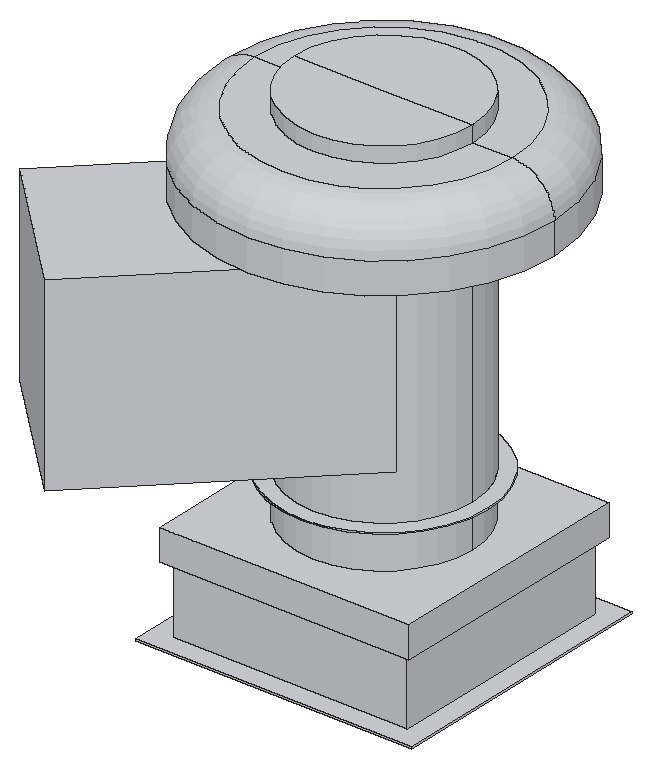
Revit family "QMXE", category Mechanical Equipment, Revit 2019
Family settings
  Round Connector Dimension = Use Diameter
  Part Type = Normal
  Work Plane-Based = No
  Always vertical = Yes
  Cut with Voids When Loaded = No
  Shared = No
  Room Calculation Point = No
Parameters (values of type "120_QMXE-HP")
  Unit Weight [instance] = ""
  T_SQ/2 = T_SQ / 2  # 0' - 9 3/4"
  T_SQ = B - 0' 4 1/2"  # 1' - 7 1/2"
  Sones [instance] = ""
  QMX_LENGTH = 2' - 0"
  Motor RPM [instance] = ""
  Motor Enclosure [instance] = ""
  ModelID [instance] = ""
  MC_LENGTH = -QMX_LENGTH * 0.8  # -1' - 7.2"
  LwA [instance] = ""
  G/2 = G / 2  # 1' - 4 13/32"
  G = 2' - 8 13/16"
  Fan RPM [instance] = ""
  FAN_RADIUS/5 = FAN_RADIUS / 5  # 0' - 1.70625"
  FAN_RADIUS = FAN_DIA / 2  # 0' - 8 17/32"
  FAN_RAD+1.5" = FAN_RADIUS + 0' 1 1/2"  # 0' - 10 1/32"
  FAN_DIA = 1' - 5 1/16"
  F = 2' - 0 3/8"
  E = 2' - 1 3/8"
  DUCT_COLLAR = 1' - 5 1/16"
  DC/2 = DUCT_COLLAR / 2  # 0' - 8 17/32"
  D-(G/2) = D - (G / 2)  # 2' - 3 7/32"
  D = 3' - 7 5/8"
  CURB_HEIGHT [instance] = 0' - 9 1/2"
  CURB [instance] = yes
  C/2 = C / 2  # 0' - 1 1/2"
  C = 0' - 3"
  B/2 = B / 2  # 1' - 0"
  B = 2' - 0"
  Accessories [instance] = ""
  A/2 = A / 2  # 1' - 7 13/16"
  A = 3' - 3 5/8"
  3" = 0' - 3"  # constant formula
  Brake Hp [instance] = ""
  4" = 0' - 4"  # constant formula
  2' = 2' - 0"
  2" = 0' - 2"  # constant formula
  1" = 0' - 1"  # constant formula
  0 = 0' - 0"  # constant formula
  Voltage [instance] = 0 V
  URL = "www.lorencook.com"
  Type Comments = "Mixed-Flow Exhaust Blower High Pressure Belt Drive Arrangement 9"
  Static Pressure [instance] = 0.00 in-wg
  Power [instance] = Voltage * Motor FLA * sqrt(if(Phase = 3, 3, 1))  # 0 VA
  Phase [instance] = 0
  Number of Poles [instance] = 1
  Motor Hp [instance] = "0"
  Motor FLA [instance] = 0 A
  Model = "QMXE-HP"
  Manufacturer = "Loren Cook Company"
  CFM [instance] = 0 CFM
  1.5 = 0' - 1 1/2"  # constant formula
  ONE EIGTH = 0' - 0 1/8"  # constant formula
  (FAN_RADIUS)*.75 = (FAN_RADIUS) * 0.75  # 0' - 6 51/128"
  (B/2)-.125" = (B / 2) - 0' 0 1/8"  # 0' - 11 7/8"
Types (23): name | T_SQ/2 | T_SQ | QMX_LENGTH | MC_LENGTH | G/2 | G | FAN_RADIUS/5 | FAN_RADIUS | FAN_RAD+1.5" | FAN_DIA | F | E | DUCT_COLLAR | DC/2 | D-(G/2) | D | B/2 | B | A/2 | A | Type Comments | Model | (FAN_RADIUS)*.75 | (B/2)-.125"
  (no name) | 0' - 9 3/4" | 1' - 7 1/2" | 2' - 0" | -1' - 7.2" | 1' - 4 13/32" | 2' - 8 13/16" | 0' - 1.70625" | 0' - 8 17/32" | 0' - 10 1/32" | 1' - 5 1/16" | 2' - 0 3/8" | 2' - 1 3/8" | 1' - 5 1/16" | 0' - 8 17/32" | 2' - 3 7/32" | 3' - 7 5/8" | 1' - 0" | 2' - 0" | 1' - 7 13/16" | 3' - 3 5/8" | "Mixed-Flow Exhaust Blower High Pressure Belt Drive Arrangement 9" | "QMXE-HP" | 0' - 6 51/128" | 0' - 11 7/8"
  90_QMXE | 0' - 7 3/4" | 1' - 3 1/2" | 1' - 7 7/8" | -1' - 3.9" | 1' - 2 9/32" | 2' - 4 9/16" | 0' - 1 9/32" | 0' - 6 13/32" | 0' - 7 29/32" | 1' - 0 13/16" | 1' - 9 1/4" | 1' - 10 1/2" | 1' - 0 13/16" | 0' - 6 13/32" | 1' - 11 3/32" | 3' - 1 3/8" | 0' - 10" | 1' - 8" | 1' - 7 19/32" | 3' - 3 3/16" | "Mixed-Flow Exhaust Blower Low Pressure Belt Drive Arrangement 9" | "QMXE" | 0' - 4 103/128" | 0' - 9 7/8"
  300_QMXE | 2' - 0 3/4" | 4' - 1 1/2" | 4' - 6" | -3' - 7.2" | 3' - 0 13/16" | 6' - 1 5/8" | 0' - 4 1/4" | 1' - 9 1/4" | 1' - 10 3/4" | 3' - 6 1/2" | 3' - 1 5/8" | 3' - 4" | 3' - 6 1/2" | 1' - 9 1/4" | 3' - 9 3/16" | 6' - 10" | 2' - 3" | 4' - 6" | 3' - 1 1/4" | 6' - 2 1/2" | "Mixed-Flow Exhaust Blower Low Pressure Belt Drive Arrangement 9" | "QMXE" | 1' - 3 15/16" | 2' - 2 7/8"
  120_QMXE | 0' - 9 3/4" | 1' - 7 1/2" | 2' - 0" | -1' - 7.2" | 1' - 4 13/32" | 2' - 8 13/16" | 0' - 1.70625" | 0' - 8 17/32" | 0' - 10 1/32" | 1' - 5 1/16" | 2' - 0 3/8" | 2' - 1 3/8" | 1' - 5 1/16" | 0' - 8 17/32" | 2' - 3 7/32" | 3' - 7 5/8" | 1' - 0" | 2' - 0" | 1' - 7 13/16" | 3' - 3 5/8" | "Mixed-Flow Exhaust Blower Low Pressure Belt Drive Arrangement 9" | "QMXE" | 0' - 6 51/128" | 0' - 11 7/8"
  135_QMXE | 0' - 10 3/4" | 1' - 9 1/2" | 2' - 3" | -1' - 9.6" | 1' - 9 25/32" | 3' - 7 9/16" | 0' - 1.925" | 0' - 9 5/8" | 0' - 11 1/8" | 1' - 7 1/4" | 2' - 1 3/8" | 2' - 3 1/4" | 1' - 7 1/4" | 0' - 9 5/8" | 2' - 0 23/32" | 3' - 10 1/2" | 1' - 1" | 2' - 2" | 1' - 9 31/32" | 3' - 7 15/16" | "Mixed-Flow Exhaust Blower Low Pressure Belt Drive Arrangement 9" | "QMXE" | 0' - 7 7/32" | 1' - 0 7/8"
  150_QMXE | 1' - 0 3/4" | 2' - 1 1/2" | 2' - 6" | -2' - 0" | 1' - 9 25/32" | 3' - 7 9/16" | 0' - 2.1375" | 0' - 10 11/16" | 1' - 0 3/16" | 1' - 9 3/8" | 2' - 2 1/8" | 2' - 4" | 1' - 9 3/8" | 0' - 10 11/16" | 2' - 5 7/32" | 4' - 3" | 1' - 3" | 2' - 6" | 1' - 11 15/32" | 3' - 10 15/16" | "Mixed-Flow Exhaust Blower Low Pressure Belt Drive Arrangement 9" | "QMXE" | 0' - 8 1/64" | 1' - 2 7/8"
  165_QMXE | 1' - 3 1/4" | 2' - 6 1/2" | 2' - 9" | -2' - 2.4" | 1' - 11 13/16" | 3' - 11 5/8" | 0' - 2.35" | 0' - 11 3/4" | 1' - 1 1/4" | 1' - 11 1/2" | 2' - 3 1/8" | 2' - 5 13/16" | 1' - 11 1/2" | 0' - 11 3/4" | 2' - 7 3/16" | 4' - 7" | 1' - 5 1/2" | 2' - 11" | 2' - 1 9/16" | 4' - 3 1/8" | "Mixed-Flow Exhaust Blower Low Pressure Belt Drive Arrangement 9" | "QMXE" | 0' - 8 13/16" | 1' - 5 3/8"
  180_QMXE | 1' - 4 1/4" | 2' - 8 1/2" | 2' - 11" | -2' - 4" | 2' - 2 5/16" | 4' - 4 5/8" | 0' - 2 9/16" | 1' - 0 13/16" | 1' - 2 5/16" | 2' - 1 5/8" | 2' - 4 1/8" | 2' - 6 3/4" | 2' - 1 5/8" | 1' - 0 13/16" | 2' - 7 7/16" | 4' - 9 3/4" | 1' - 6 1/2" | 3' - 1" | 2' - 4 7/8" | 4' - 9 3/4" | "Mixed-Flow Exhaust Blower Low Pressure Belt Drive Arrangement 9" | "QMXE" | 0' - 9 39/64" | 1' - 6 3/8"
  202_QMXE | 1' - 5 3/4" | 2' - 11 1/2" | 2' - 11" | -2' - 4" | 2' - 7 5/16" | 5' - 2 5/8" | 0' - 2 9/16" | 1' - 0 13/16" | 1' - 2 5/16" | 2' - 1 5/8" | 2' - 5 1/2" | 2' - 8 1/8" | 2' - 4 3/4" | 1' - 2 3/8" | 2' - 6 1/2" | 5' - 1 13/16" | 1' - 8" | 3' - 4" | 2' - 6 1/4" | 5' - 0 1/2" | "Mixed-Flow Exhaust Blower Low Pressure Belt Drive Arrangement 9" | "QMXE" | 0' - 9 39/64" | 1' - 7 7/8"
  225_QMXE | 1' - 7 1/4" | 3' - 2 1/2" | 3' - 5" | -2' - 8.8" | 2' - 7 5/16" | 5' - 2 5/8" | 0' - 3.19375" | 1' - 3 31/32" | 1' - 5 15/32" | 2' - 7 15/16" | 2' - 9" | 2' - 11 1/2" | 2' - 7 15/16" | 1' - 3 31/32" | 3' - 0 13/16" | 5' - 8 1/8" | 1' - 9 1/2" | 3' - 7" | 2' - 8" | 5' - 4" | "Mixed-Flow Exhaust Blower Low Pressure Belt Drive Arrangement 9" | "QMXE" | 0' - 11 125/128" | 1' - 9 3/8"
  245_QMXE | 1' - 8 3/4" | 3' - 5 1/2" | 3' - 8 1/2" | -2' - 11.6" | 3' - 0 13/16" | 6' - 1 5/8" | 0' - 3.475" | 1' - 5 3/8" | 1' - 6 7/8" | 2' - 10 3/4" | 2' - 10 1/8" | 3' - 0 5/8" | 2' - 10 3/4" | 1' - 5 3/8" | 2' - 11" | 5' - 11 13/16" | 1' - 11" | 3' - 10" | 2' - 8 7/32" | 5' - 4 7/16" | "Mixed-Flow Exhaust Blower Low Pressure Belt Drive Arrangement 9" | "QMXE" | 1' - 1 1/32" | 1' - 10 7/8"
  270_QMXE | 1' - 10 3/4" | 3' - 9 1/2" | 3' - 11" | -3' - 1.6" | 3' - 0 13/16" | 6' - 1 5/8" | 0' - 3.83125" | 1' - 7 5/32" | 1' - 8 21/32" | 3' - 2 5/16" | 2' - 11 9/16" | 3' - 2" | 3' - 2 5/16" | 1' - 7 5/32" | 3' - 3 1/2" | 6' - 4 5/16" | 2' - 1" | 4' - 2" | 2' - 9 19/32" | 5' - 7 3/16" | "Mixed-Flow Exhaust Blower Low Pressure Belt Drive Arrangement 9" | "QMXE" | 1' - 2 47/128" | 2' - 0 7/8"
  120_QMXE-HP | 0' - 9 3/4" | 1' - 7 1/2" | 2' - 0" | -1' - 7.2" | 1' - 4 13/32" | 2' - 8 13/16" | 0' - 1.70625" | 0' - 8 17/32" | 0' - 10 1/32" | 1' - 5 1/16" | 2' - 0 3/8" | 2' - 1 3/8" | 1' - 5 1/16" | 0' - 8 17/32" | 2' - 3 7/32" | 3' - 7 5/8" | 1' - 0" | 2' - 0" | 1' - 7 13/16" | 3' - 3 5/8" | "Mixed-Flow Exhaust Blower High Pressure Belt Drive Arrangement 9" | "QMXE-HP" | 0' - 6 51/128" | 0' - 11 7/8"
  135_QMXE-HP | 0' - 10 3/4" | 1' - 9 1/2" | 2' - 3" | -1' - 9.6" | 1' - 9 25/32" | 3' - 7 9/16" | 0' - 1.925" | 0' - 9 5/8" | 0' - 11 1/8" | 1' - 7 1/4" | 2' - 1 3/8" | 2' - 3 1/4" | 1' - 7 1/4" | 0' - 9 5/8" | 2' - 0 23/32" | 3' - 10 1/2" | 1' - 1" | 2' - 2" | 1' - 9 31/32" | 3' - 7 15/16" | "Mixed-Flow Exhaust Blower High Pressure Belt Drive Arrangement 9" | "QMXE-HP" | 0' - 7 7/32" | 1' - 0 7/8"
  150_QMXE-HP | 1' - 0 3/4" | 2' - 1 1/2" | 2' - 6" | -2' - 0" | 1' - 9 25/32" | 3' - 7 9/16" | 0' - 2.1375" | 0' - 10 11/16" | 1' - 0 3/16" | 1' - 9 3/8" | 2' - 2 1/8" | 2' - 4" | 1' - 9 3/8" | 0' - 10 11/16" | 2' - 5 7/32" | 4' - 3" | 1' - 3" | 2' - 6" | 1' - 11 15/32" | 3' - 10 15/16" | "Mixed-Flow Exhaust Blower High Pressure Belt Drive Arrangement 9" | "QMXE-HP" | 0' - 8 1/64" | 1' - 2 7/8"
  165_QMXE-HP | 1' - 3 1/4" | 2' - 6 1/2" | 2' - 9" | -2' - 2.4" | 1' - 11 13/16" | 3' - 11 5/8" | 0' - 2.35" | 0' - 11 3/4" | 1' - 1 1/4" | 1' - 11 1/2" | 2' - 3 1/8" | 2' - 5 13/16" | 1' - 11 1/2" | 0' - 11 3/4" | 2' - 7 3/16" | 4' - 7" | 1' - 5 1/2" | 2' - 11" | 2' - 1 9/16" | 4' - 3 1/8" | "Mixed-Flow Exhaust Blower High Pressure Belt Drive Arrangement 9" | "QMXE-HP" | 0' - 8 13/16" | 1' - 5 3/8"
  180_QMXE-HP | 1' - 4 1/4" | 2' - 8 1/2" | 2' - 11" | -2' - 4" | 2' - 2 5/16" | 4' - 4 5/8" | 0' - 2 9/16" | 1' - 0 13/16" | 1' - 2 5/16" | 2' - 1 5/8" | 2' - 4 1/8" | 2' - 6 3/4" | 2' - 1 5/8" | 1' - 0 13/16" | 2' - 7 7/16" | 4' - 9 3/4" | 1' - 6 1/2" | 3' - 1" | 2' - 4 7/8" | 4' - 9 3/4" | "Mixed-Flow Exhaust Blower High Pressure Belt Drive Arrangement 9" | "QMXE-HP" | 0' - 9 39/64" | 1' - 6 3/8"
  202_QMXE-HP | 1' - 5 3/4" | 2' - 11 1/2" | 2' - 11" | -2' - 4" | 2' - 7 5/16" | 5' - 2 5/8" | 0' - 2 9/16" | 1' - 0 13/16" | 1' - 2 5/16" | 2' - 1 5/8" | 2' - 5 1/2" | 2' - 8 1/8" | 2' - 4 3/4" | 1' - 2 3/8" | 2' - 6 1/2" | 5' - 1 13/16" | 1' - 8" | 3' - 4" | 2' - 6 1/4" | 5' - 0 1/2" | "Mixed-Flow Exhaust Blower High Pressure Belt Drive Arrangement 9" | "QMXE-HP" | 0' - 9 39/64" | 1' - 7 7/8"
  225_QMXE-HP | 1' - 7 1/4" | 3' - 2 1/2" | 3' - 5" | -2' - 8.8" | 2' - 7 5/16" | 5' - 2 5/8" | 0' - 3.19375" | 1' - 3 31/32" | 1' - 5 15/32" | 2' - 7 15/16" | 2' - 9" | 2' - 11 1/2" | 2' - 7 15/16" | 1' - 3 31/32" | 3' - 0 13/16" | 5' - 8 1/8" | 1' - 9 1/2" | 3' - 7" | 2' - 8" | 5' - 4" | "Mixed-Flow Exhaust Blower High Pressure Belt Drive Arrangement 9" | "QMXE-HP" | 0' - 11 125/128" | 1' - 9 3/8"
  245_QMXE-HP | 1' - 8 3/4" | 3' - 5 1/2" | 3' - 8 1/2" | -2' - 11.6" | 3' - 0 13/16" | 6' - 1 5/8" | 0' - 3.475" | 1' - 5 3/8" | 1' - 6 7/8" | 2' - 10 3/4" | 2' - 10 1/8" | 3' - 0 5/8" | 2' - 10 3/4" | 1' - 5 3/8" | 2' - 11" | 5' - 11 13/16" | 1' - 11" | 3' - 10" | 2' - 8 7/32" | 5' - 4 7/16" | "Mixed-Flow Exhaust Blower High Pressure Belt Drive Arrangement 9" | "QMXE-HP" | 1' - 1 1/32" | 1' - 10 7/8"
  270_QMXE-HP | 1' - 10 3/4" | 3' - 9 1/2" | 3' - 11" | -3' - 1.6" | 3' - 0 13/16" | 6' - 1 5/8" | 0' - 3.83125" | 1' - 7 5/32" | 1' - 8 21/32" | 3' - 2 5/16" | 2' - 11 9/16" | 3' - 2" | 3' - 2 5/16" | 1' - 7 5/32" | 3' - 3 1/2" | 6' - 4 5/16" | 2' - 1" | 4' - 2" | 2' - 9 19/32" | 5' - 7 3/16" | "Mixed-Flow Exhaust Blower High Pressure Belt Drive Arrangement 9" | "QMXE-HP" | 1' - 2 47/128" | 2' - 0 7/8"
  300_QMXE-HP | 2' - 0 3/4" | 4' - 1 1/2" | 4' - 6" | -3' - 7.2" | 3' - 0 13/16" | 6' - 1 5/8" | 0' - 4 1/4" | 1' - 9 1/4" | 1' - 10 3/4" | 3' - 6 1/2" | 3' - 1 5/8" | 3' - 4" | 3' - 6 1/2" | 1' - 9 1/4" | 3' - 9 3/16" | 6' - 10" | 2' - 3" | 4' - 6" | 3' - 1 1/4" | 6' - 2 1/2" | "Mixed-Flow Exhaust Blower High Pressure Belt Drive Arrangement 9" | "QMXE-HP" | 1' - 3 15/16" | 2' - 2 7/8"
  90_QMXE-HP | 0' - 7 3/4" | 1' - 3 1/2" | 1' - 7 7/8" | -1' - 3.9" | 1' - 2 9/32" | 2' - 4 9/16" | 0' - 1 9/32" | 0' - 6 13/32" | 0' - 7 29/32" | 1' - 0 13/16" | 1' - 9 1/4" | 1' - 10 1/2" | 1' - 0 13/16" | 0' - 6 13/32" | 1' - 11 3/32" | 3' - 1 3/8" | 0' - 10" | 1' - 8" | 1' - 7 19/32" | 3' - 3 3/16" | "Mixed-Flow Exhaust Blower High Pressure Belt Drive Arrangement 9" | "QMXE-HP" | 0' - 4 103/128" | 0' - 9 7/8"
Reference planes (in)
  plane 1 "Center (Front/Back)": y = 0
  plane 2: z = 0
  plane 3 "Center (Left/Right)": x = 0.40541
Forms (in)
  Extrusion 1, solid
    sketch origin (0, 0, 0) x (1, 0, 0) y (0, 1, 0)
      loop
        line (-11.59459, 12) -> (-11.59459, -12) -> (12.40541, -12) -> (12.40541, 12) -> (-11.59459, 12)
    from 0 to 3 <- "C"
  Extrusion 2, void
    sketch origin (0, 0, 0) x (1, 0, 0) y (0, 1, 0)
      loop
        line (-11.46959, 11.875) -> (-11.46959, -11.875) -> (12.28041, -11.875) -> (12.28041, 11.875) -> (-11.46959, 11.875)
    from 0 to 2.875
  Extrusion 3, solid
    sketch origin (0, 0, 0) x (1, 0, 0) y (0, 1, 0)
      loop
        circle (0.40541, 0) r 8.53125
    from 3 to 7
  Extrusion 4, solid
    sketch origin (0, 0, 0) x (1, 0, 0) y (0, 1, 0)
      loop
        circle (0.40541, 0) r 10.03125
      loop
        circle (0.40541, 0) r 6.39844
    from 7 to 7.125
  Revolve 5, solid
    sketch origin (0, 0, 0) x (1, 0, 0) y (0, 0, 1)
      loop
        line (-8.12584, 7.125) -> (-5.99303, 7.125)
        arc (-5.99303, 7.125) -> (-4.78652, 7.62475) -> (-4.28678, 8.83125) r 1.70625
        line (-4.28678, 8.83125) -> (0.40541, 8.83125) -> (0.40541, 31.125) -> (-8.12584, 31.125) -> (-8.12584, 7.125)
      axis (0.40541, 7.125) -> (0.40541, 31.125)
    angle from 0 to 360
  Revolve 6, solid
    sketch origin (0, 0, 0) x (1, 0, 0) y (0, 0, 1)
      loop
        line (0.40541, 31.125) -> (16.81166, 31.125) -> (16.81166, 34.125)
        arc (16.81166, 34.125) -> (15.64009, 36.95343) -> (12.81166, 38.125) r 4
        line (12.81166, 38.125) -> (8.93666, 38.125) -> (8.93666, 39.625) -> (0.40541, 39.625) -> (0.40541, 31.125)
      axis (0.40541, 31.125) -> (0.40541, 39.625)
    angle from 0 to 360
  Extrusion 7, solid
    sketch origin (0.40541, 0, 31.125) x (0, 1, 0) y (-1, 0, 0)
      loop
        line (-13.32007, 24.375) -> (-25.375, 12.32007) -> (-6.59248, -6.46246) -> (5.46246, 5.59248) -> (-13.32007, 24.375)
    from -1 to -19.2 <- "MC_LENGTH"
  Extrusion 8, solid, visible <- "CURB"
    sketch origin (0, 0, 2.875) x (0, 1, 0) y (1, 0, 0)
      loop
        line (-9.75, -9.34459) -> (9.75, -9.34459) -> (9.75, 10.15541) -> (-9.75, 10.15541) -> (-9.75, -9.34459)
      loop
        line (11.25, 11.65541) -> (-11.25, 11.65541) -> (-11.25, -10.84459) -> (11.25, -10.84459) -> (11.25, 11.65541)
    from 0 to 9.5 <- "CURB_HEIGHT"
  Extrusion 9, solid, visible <- "CURB"
    sketch origin (0, 0, -6.625) x (-1, 0, 0) y (0, 1, 0)
      loop
        line (10.84459, -11.25) -> (10.84459, 11.25) -> (-11.65541, 11.25) -> (-11.65541, -11.25) -> (10.84459, -11.25)
      loop
        line (-13.65541, 13.25) -> (-13.65541, -13.25) -> (12.84459, -13.25) -> (12.84459, 13.25) -> (-13.65541, 13.25)
    from 0 to -0.125
Cuts and joins
  Extrusion 2 cuts Extrusion 1
Dimensions and locks (in)
  "B/2": Extrusion 1 sketch curve to plane 3 "Center (Left/Right)"
  "B/2": plane 3 "Center (Left/Right)" to Extrusion 1 sketch curve
  "B/2": plane 1 "Center (Front/Back)" to Extrusion 1 sketch curve
  "B/2": Extrusion 1 sketch curve to plane 1 "Center (Front/Back)"
  "(B/2)-.125"": Extrusion 2 sketch curve to plane 3 "Center (Left/Right)"
  "(B/2)-.125"": plane 3 "Center (Left/Right)" to Extrusion 2 sketch curve
  "(B/2)-.125"": plane 1 "Center (Front/Back)" to Extrusion 2 sketch curve
  "(B/2)-.125"": Extrusion 2 sketch curve to plane 1 "Center (Front/Back)"
  "0": Extrusion 3 sketch curve to plane 3 "Center (Left/Right)"
  "0": Extrusion 3 sketch curve to plane 1 "Center (Front/Back)"
  Extrusion 4 sketch curve to plane 3 "Center (Left/Right)" = 0' - 0"
  Extrusion 4 sketch curve to plane 1 "Center (Front/Back)" = 0' - 0"
  "0": Extrusion 4 sketch curve to plane 1 "Center (Front/Back)"
  "0": Extrusion 4 sketch curve to plane 3 "Center (Left/Right)"
  "0": Revolve 5 sketch curve to Extrusion 4
  "FAN_RADIUS": plane 3 "Center (Left/Right)" to Revolve 5 sketch curve
  "QMX_LENGTH": Revolve 5 sketch curve to Revolve 5 sketch curve
  "FAN_RADIUS/5": Revolve 5 sketch curve to Revolve 5 sketch curve
  "(FAN_RADIUS)*.75": Revolve 5 sketch curve to Revolve 5 sketch curve
  "0": plane 3 "Center (Left/Right)" to Revolve 5 sketch curve
  "0": Revolve 5 sketch curve to plane 3 "Center (Left/Right)"
  "A": Revolve 6 sketch curve to level
  "0": Revolve 6 sketch curve to Revolve 5
  "1.5": Revolve 6 sketch curve to Revolve 6 sketch curve
  "FAN_RADIUS": Revolve 6 sketch curve to plane 3 "Center (Left/Right)"
  "G/2": Revolve 6 sketch curve to plane 3 "Center (Left/Right)"
  "0": Revolve 6 sketch curve to plane 3 "Center (Left/Right)"
  "D": Extrusion 7 sketch curve to cut or joined group of Extrusion 1, Extrusion 2
  "E": Extrusion 7 sketch curve to plane 1 "Center (Front/Back)"
  "F": Extrusion 7 sketch curve to plane 3 "Center (Left/Right)"
  "FAN_DIA": cut or joined group of Extrusion 1, Extrusion 2 to Extrusion 7 sketch curve
  "1.5": Extrusion 8 sketch curve to Extrusion 8 sketch curve  (x4)
  "T_SQ/2": Extrusion 8 sketch curve to plane 3 "Center (Left/Right)"
  "T_SQ/2": plane 3 "Center (Left/Right)" to Extrusion 8 sketch curve
  "T_SQ/2": Extrusion 8 sketch curve to plane 1 "Center (Front/Back)"  (x2)
  "2"": Extrusion 9 sketch curve to Extrusion 9 sketch curve  (x4)
  "0": Extrusion 8 to Extrusion 9 sketch curve
  "0": Extrusion 9 sketch curve to Extrusion 8  (x3)
  "FAN_RADIUS": radius of Extrusion 3 sketch curve
  "FAN_RAD+1.5"": radius of Extrusion 4 sketch curve
  "(FAN_RADIUS)*.75": radius of Extrusion 4 sketch curve
  "FAN_RADIUS/5": radius of Revolve 5 sketch curve
  "4"": radius of Revolve 6 sketch curve
  angle plane 3 "Center (Left/Right)" to Extrusion 7 sketch curve = 135.00°
Automatic sketch dimensions
  Revolve 5 sketch curve to Revolve 5 sketch curve = 0' - 1"
  Revolve 5 sketch curve to Revolve 5 sketch curve = 0' - 5"
  Revolve 6 sketch curve to plane 3 "Center (Left/Right)" = 0' - 0"
  Revolve 6 sketch curve to Revolve 6 sketch curve = 0' - 0"
  Revolve 6 sketch curve to Revolve 6 sketch curve = 0' - 10"
Connectors (in)
  electrical at (-8.55086, -9.95627, 11.925)
    settings: on Extrusion 7, index 2, voltage 0 V, apparent load 0 VA, apparent load phase1 0 VA, apparent load phase2 0 VA, apparent load phase3 0 VA, power factor 1, load classification "Other", number of poles 1, system type 30, power factor state 1, is connector primary yes, connector utility no, sub classification motor no, connector description ""
  hvac at (0.40541, 0, 2.875), driven by "CFM", driven by "T_SQ", driven by "T_SQ"
    settings: on cut or joined group of Extrusion 1, Extrusion 2, index 3, duct flow 0 CFM, flow factor 0, pres drop 0.00 in-wg, loss coef 0, conn angle 0.00°, conn width 19 1/2", conn height 19 1/2", conn diameter 24", duct sys type 3, conn prof type 1, flow config 0, flow direction 1, loss method 0, conn ref index -1, conn util no, is conn primary yes, conn desc ""
